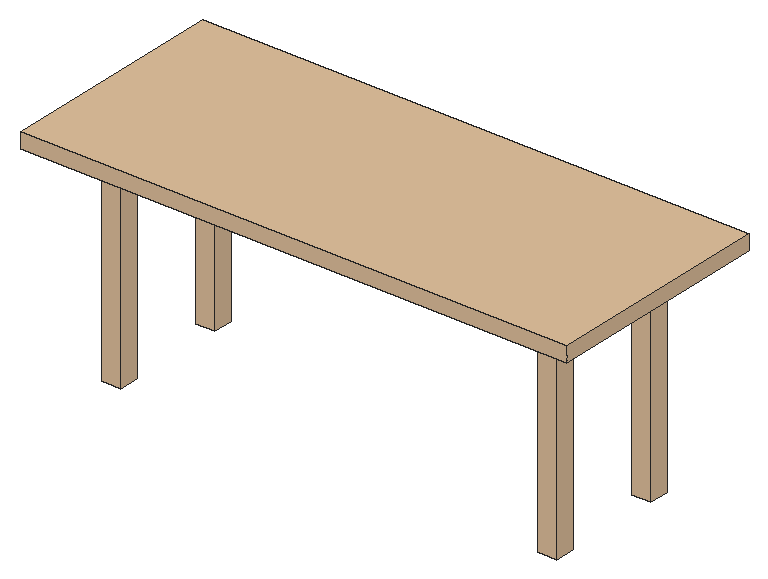
Revit family "Table-Rectangular", category Furniture, Revit 2018
Family settings
  OmniClass Number = 23.40.20.14.17
  OmniClass Title = Residential Tables and Cabinets
  Work Plane-Based = No
  Always vertical = Yes
  Cut with Voids When Loaded = No
  Shared = Yes
  Room Calculation Point = No
Parameters (values of type "72" x 30"")
  Assembly Code = "E2020200"
  Base Material = Birch
  Height = 2' - 6"
  Length = 6' - 0"
  Top Material = Birch
  Width = 2' - 6"
Types (4): name | Length | Width
  (no name) | 6' - 0" | 2' - 6"
  72" x 30" | 6' - 0" | 2' - 6"
  36" x 36" | 3' - 0" | 3' - 0"
  60" x 48" | 5' - 0" | 4' - 0"
Reference planes (in)
  plane 1: y = 0
  plane 2: z = 0
  plane 3: x = 0
  plane 4: z = 30
  plane 5: x = -36
  plane 6: x = 36
  plane 7: y = 15
  plane 8: y = -15
Forms (in)
  Extrusion 1, solid, material "Birch" <- "Base Material"
    sketch origin (-43.80678, -8.01344, 0) x (1, 0, 0) y (0, 1, 0)
      loop
        line (13.80678, 17.01344) -> (13.80678, 14.51344) -> (16.30678, 14.51344) -> (16.30678, 17.01344) -> (13.80678, 17.01344)
      loop
        line (73.80678, 17.01344) -> (71.30678, 17.01344) -> (71.30678, 14.51344) -> (73.80678, 14.51344) -> (73.80678, 17.01344)
      loop
        line (13.80678, -0.98656) -> (16.30678, -0.98656) -> (16.30678, 1.51344) -> (13.80678, 1.51344) -> (13.80678, -0.98656)
      loop
        line (73.80678, -0.98656) -> (73.80678, 1.51344) -> (71.30678, 1.51344) -> (71.30678, -0.98656) -> (73.80678, -0.98656)
    from 0 to 28
  Extrusion 2, solid, material "Birch" <- "Top Material"
    sketch origin (-23.67803, -10.38308, 0) x (1, 0, 0) y (0, 1, 0)
      loop
        line (-12.32197, 25.38308) -> (-12.32197, -4.61692) -> (59.67803, -4.61692) -> (59.67803, 25.38308) -> (-12.32197, 25.38308)
    from 28 to 30
  Extrusion 3, solid, material "Birch" <- "Base Material"
    sketch origin (-43.80678, -8.01344, 0) x (1, 0, 0) y (0, 1, 0)
      loop
        line (16.30678, 15.51344) -> (16.30678, 14.51344) -> (71.30678, 14.51344) -> (71.30678, 15.51344) -> (16.30678, 15.51344)
      loop
        line (16.30678, 0.51344) -> (71.30678, 0.51344) -> (71.30678, 1.51344) -> (16.30678, 1.51344) -> (16.30678, 0.51344)
      loop
        line (14.80678, 1.51344) -> (15.80678, 1.51344) -> (15.80678, 14.51344) -> (14.80678, 14.51344) -> (14.80678, 1.51344)
      loop
        line (72.80678, 1.51344) -> (72.80678, 14.51344) -> (71.80678, 14.51344) -> (71.80678, 1.51344) -> (72.80678, 1.51344)
    from 24 to 28
Lines and regions (in)
  Masking region 1
    outline origin (0, 0, 0) x (1, 0, 0) y (0, 1, 0)
      loop
        line (-36, 15) -> (-36, -15) -> (36, -15) -> (36, 15) -> (-36, 15)
Dimensions and locks (in)
  equal spacing: Extrusion 3 sketch curve, plane 3, Extrusion 3 sketch curve  (x3)
  equal spacing: Extrusion 3 sketch curve, plane 1, Extrusion 3 sketch curve  (x2)
  locked: Extrusion 3 sketch curve to Extrusion 3 sketch curve at 1  (x4)
  locked: Extrusion 1 sketch curve to Extrusion 1 sketch curve at 2.5  (x4)
  equal spacing: Extrusion 1 sketch curve, plane 1, Extrusion 1 sketch curve
  equal spacing: Extrusion 1 sketch curve, plane 3, Extrusion 1 sketch curve
  Extrusion 3 sketch curve to Extrusion 2 = 0' - 7"
  Extrusion 2 to Extrusion 3 sketch curve = 0' - 7 1/2"
  locked: Extrusion 2 to Extrusion 1 sketch curve at 6  (x2)
  Extrusion 3 sketch curve to Extrusion 3 sketch curve = 0' - 1 1/2"  (x2)
  Extrusion 3 sketch curve to Extrusion 3 sketch curve = 0' - 1"
  "Height": plane 2 to plane 4
  locked: Extrusion 2 to Extrusion 2 at 2
  locked: Extrusion 3 to Extrusion 3 at 4
  "Length": plane 5 to plane 6
  "Width": plane 8 to plane 7
  equal spacing: plane 8, plane 1, plane 7
  equal spacing: plane 5, plane 3, plane 6
  aligned and locked: Extrusion 1 to level
  aligned and locked: Extrusion 1 sketch curve to Extrusion 1 sketch curve  (x9)
  aligned and locked: Extrusion 3 sketch curve to Extrusion 3 sketch curve  (x3)
  aligned and locked: Extrusion 2 to plane 4
  aligned and locked: Extrusion 3 to Extrusion 2
  aligned and locked: Extrusion 1 to Extrusion 2
  aligned and locked: plane 8 to Extrusion 2 sketch curve
  aligned and locked: plane 5 to Extrusion 2 sketch curve
  aligned and locked: plane 7 to Extrusion 2 sketch curve
  aligned and locked: plane 6 to Extrusion 2 sketch curve
  aligned and locked: Masking region 1 sketch curve to plane 8
  aligned and locked: plane 7 to Masking region 1 sketch curve
  aligned and locked: Masking region 1 sketch curve to plane 5
  aligned and locked: plane 6 to Masking region 1 sketch curve
